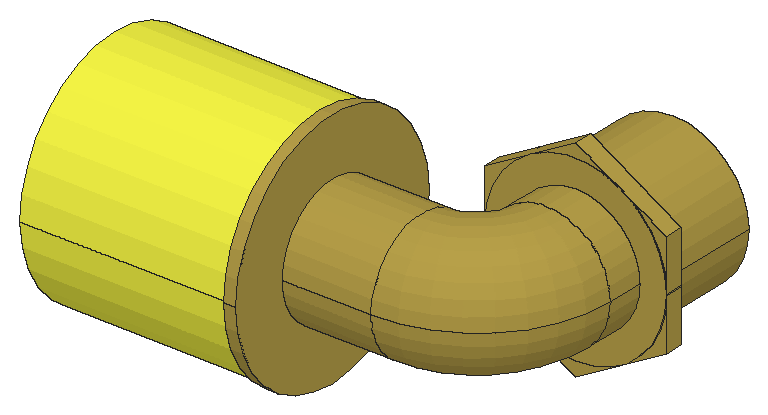
Revit family "Фитинг_Weser_Угольник 90° с наружной резьбой", category Соединительные детали трубопроводов, Revit 2020
Family settings
  Размер круглого соединителя = Использовать диаметр
  Тип детали = Отвод
  Номер OmniClass = 23.60.30.11.14
  Заголовок OmniClass = Pipework Fittings
  На основе рабочей плоскости = Нет
  Всегда вертикально = Да
  При загрузке вырезать с полостями = Нет
  Общий = Нет
Parameters (values of type "Латунь")
  Отметка по умолчанию = 0 mm
  Материал = Латунь
  i1 [instance] = B / sqrt(3)  # 22.979 mm
  i [instance] = G / sqrt(3)  # 17.321 mm
  WSR_D2 [instance] = 32 mm
  WSR_D1 [instance] = 25 mm
  Rt1 [instance] = size_lookup(LT, "Rt", 4 mm, WSR_D1, WSR_D2)  # 3 mm
  Rt [instance] = not(Lt)  # no
  Lt1 [instance] = size_lookup(LT, "Lt", 4 mm, WSR_D1, WSR_D2)  # 2 mm
  Lt [instance] = Rt1 > 2 mm  # yes
  URL = "https://www.weser.ru/about/documentation/"
  Type Image = (empty or 0)
  Model = ""
  Manufacturer = ""
  R [instance] = size_lookup(LT, "R", WSR_D2, WSR_D1, WSR_D2)  # 25 mm
  LT = "Фитинг_Weser_Угольник 90° с наружной резьбой(Наименование)"
  T [instance] = WSR_D1 - 4 mm  # 21 mm
  G [instance] = size_lookup(LT, "G", WSR_D2 + 3 mm, WSR_D1, WSR_D2)  # 30 mm
  B [instance] = size_lookup(LT, "B", WSR_D1 + 3 mm, WSR_D1, WSR_D2)  # 39.8 mm
  A [instance] = size_lookup(LT, "A", WSR_D1 - 3 mm, WSR_D1, WSR_D2)  # 25.5 mm
  Description = ""
  F [instance] = size_lookup(LT, "F", WSR_D2 * 2, WSR_D1, WSR_D2)  # 37.5 mm
  E [instance] = size_lookup(LT, "E", WSR_D2 * 1.5, WSR_D1, WSR_D2)  # 17 mm
  D [instance] = size_lookup(LT, "D", WSR_D1 * 2, WSR_D1, WSR_D2)  # 60.5 mm
  C [instance] = size_lookup(LT, "C", WSR_D1 - 3 mm, WSR_D1, WSR_D2)  # 32.2 mm
  ADSK_Наименование краткое [instance] = "Уг. НР"  # constant formula
  ADSK_Наименование [instance] = size_lookup(LT, "", "не найдено", WSR_D1, WSR_D2)  # "Угольник 90° с наружной резьбой 32-R1''НР"
  ADSK_Масса [instance] = 0
  ADSK_Марка = "WESERpex"  # constant formula
  ADSK_Код изделия [instance] = size_lookup(LT, "art", "не найдено", WSR_D1, WSR_D2)  # "520128"
  ADSK_Завод-изготовитель = "Weser"  # constant formula
  ADSK_Единица измерения = "шт."  # constant formula
  ADSK_Группирование [instance] = ""
  ADSK_URL страницы изделия [instance] = ""
  ADSK_URL документации изделия [instance] = ""
Reference planes
  plane 1 "Center (Front/Back)": y = 0
  plane 2: z = 0
  plane 3 "Center (Left/Right)": x = 0
  plane 4: x = -60.5
  plane 5 "b2": y = 20.5
  plane 6 "b1": x = -28.3
  plane 7: y = 37.5
  plane 8: y = 10.5
  plane 9: y = -10.5
  plane 10: x = -10.5
  plane 11: x = 10.5
  plane 12: x = -26.3
  plane 13: y = 17.5
Forms (mm)
  Sweep 1, solid, material "Латунь" <- "Материал", detail levels fine
    path in 3D
      loop
        line (-28.3, 0, 0) -> (-11.5, 0, 0)
        arc (-11.5, 0, 0) -> (-3.368, 3.368, 0) -> (0, 11.5, 0) r 11.5
        line (0, 11.5, 0) -> (0, 20.5, 0)
    profile origin (-19.9, 0, 0) x (0, 1, 0) y (0, 0, 1)
      loop
        circle (0, 0) r 10.5
  Extrusion 2, solid, material "Латунь" <- "Материал", detail levels fine
    sketch origin (-28.3, 5.999, 1200) x (0, -1, 0) y (0, 0, 1)
      loop
        circle (5.999, -1200) r 12.75
    from 0 to 32.2
  Sweep 3, solid, material "Латунь" <- "Материал", detail levels fine
    path origin (0, 0, 0) x (1, 0, 0) y (0, 1, 0)
      loop
        line (0, 37.5) -> (0, 20.5)
    profile origin (0, 29, 0) x (1, 0, 0) y (0, 0, 1)
      loop
        circle (0, 0) r 12.5
  Extrusion 4, solid, material "Латунь" <- "Материал", detail levels fine
    sketch origin (-28.3, 5.999, 1200) x (0, -1, 0) y (0, 0, 1)
      loop
        circle (5.999, -1200) r 19.9
    from 0 to -2
  Extrusion 5, solid, material "Латунь" <- "Материал", detail levels fine
    sketch origin (-76.651, 20.5, 1200) x (-1, 0, 0) y (0, 0, 1)
      loop
        circle (-76.651, -1200) r 15
    from 0 to -3
  Extrusion 6, solid, material "Латунь" <- "Материал", visible <- "Lt", detail levels fine
    sketch origin (-76.651, 20.5, 1200) x (-1, 0, 0) y (0, 0, 1)
      loop
        line (-91.651, -1208.66) -> (-76.651, -1217.321) -> (-61.651, -1208.66) -> (-61.651, -1191.34) -> (-76.651, -1182.679) -> (-91.651, -1191.34) -> (-91.651, -1208.66)
    from 0 to -3
  Extrusion 7, solid, material "Латунь" <- "Материал", visible <- "Rt", detail levels fine
    sketch origin (-28.3, 5.999, 1200) x (0, -1, 0) y (0, 0, 1)
      loop
        line (25.899, -1188.511) -> (5.999, -1177.021) -> (-13.901, -1188.511) -> (-13.901, -1211.489) -> (5.999, -1222.979) -> (25.899, -1211.489) -> (25.899, -1188.511)
    from 0 to -2
Lines and regions (mm)
  reference lines
    curve 1: line (-28.3, 0, 0) -> (-11.5, 0, 0)
    curve 2: line (0, 37.5, 0) -> (0, 11.5, 0)
    curve 3: arc (-11.5, 0, 0) -> (-3.368, 3.368, 0) -> (0, 11.5, 0) r 11.5
  sketch lines
    curve 4: line (-28.3, 0, 0) -> (-11.5, 0, 0)
    curve 5: arc (-11.5, 0, 0) -> (-3.368, 3.368, 0) -> (0, 11.5, 0) r 11.5
    curve 11: line (0, 20.5, 0) -> (0, 11.5, 0)
  model lines, detail levels coarse+medium
    curve 6: line (-28.3, 0, 0) -> (-11.5, 0, 0)
    curve 7: line (0, 20.5, 0) -> (0, 11.5, 0)
    curve 8: line (-10.5, 20.5, 0) -> (10.5, 20.5, 0)
    curve 9: line (-28.3, 10.5, 0) -> (-28.3, -10.5, 0)
    curve 10: arc (-11.5, 0, 0) -> (-3.368, 3.368, 0) -> (0, 11.5, 0) r 11.5
Dimensions and locks
  "E": plane 5 "b2" to plane 7
  "C": plane 4 to plane 6 "b1"
  "F": plane 1 "Center (Front/Back)" to plane 7
  "D": plane 4 to plane 3 "Center (Left/Right)"
  equal spacing: plane 8, plane 1 "Center (Front/Back)", plane 9
  "T": plane 8 to plane 9
  equal spacing: plane 10, plane 3 "Center (Left/Right)", plane 11
  "T": plane 10 to plane 11
  locked: curve 3 to plane 10 at 1
  locked: curve 3 to plane 8 at 1
  "Lt1": plane 6 "b1" to plane 12
  "Rt1": plane 5 "b2" to plane 13
  equal spacing: Extrusion 6 sketch curve, curve 10, Extrusion 6 sketch curve  (x2)
  equal spacing: Extrusion 6 sketch curve, plane 3 "Center (Left/Right)", Extrusion 6 sketch curve
  "G": Extrusion 6 sketch curve to Extrusion 6 sketch curve  (x3)
  "i": Extrusion 6 sketch curve to Extrusion 6 sketch curve  (x6)
  equal spacing: Extrusion 7 sketch curve, plane 1 "Center (Front/Back)", Extrusion 7 sketch curve
  equal spacing: Extrusion 7 sketch curve, curve 10, Extrusion 7 sketch curve  (x2)
  "B": Extrusion 7 sketch curve to Extrusion 7 sketch curve  (x3)
  "i1": Extrusion 7 sketch curve to Extrusion 7 sketch curve  (x6)
  "T": diameter of Sweep 1 sketch curve
  "A": diameter of Extrusion 2 sketch curve
  "R": diameter of Sweep 3 sketch curve
  "B": diameter of Extrusion 4 sketch curve
  "G": diameter of Extrusion 5 sketch curve
  aligned and locked: level to plane 2
  aligned and locked: plane 6 "b1" to curve 1
  aligned and locked: plane 6 "b1" to curve 6
  aligned and locked: plane 1 "Center (Front/Back)" to curve 6
  aligned and locked: curve 7 to plane 3 "Center (Left/Right)"
  aligned and locked: plane 9 to curve 9
  aligned and locked: plane 6 "b1" to curve 9
  aligned and locked: plane 11 to curve 8
  aligned and locked: Extrusion 2 to plane 4
  aligned and locked: curve 10 to curve 3
  aligned and locked: plane 7 to Sweep 3 sketch curve
  aligned and locked: plane 5 "b2" to Sweep 3 sketch curve
  aligned and locked: Sweep 3 sketch curve to plane 3 "Center (Left/Right)"
  aligned and locked: plane 5 "b2" to nested 2
  aligned and locked: plane 6 "b1" to nested 1
  aligned and locked: nested 1 to plane 1 "Center (Front/Back)"
  aligned and locked: plane 3 "Center (Left/Right)" to nested 2
  aligned and locked: plane 12 to Extrusion 4
  aligned and locked: Extrusion 5 to plane 13
  aligned and locked: Extrusion 6 to plane 13
  aligned and locked: plane 12 to Extrusion 7
Automatic sketch dimensions
  curve 8 to plane 10 = 0 mm
  curve 9 to plane 8 = 0 mm
  plane 10 to curve 6 = 1 mm
  curve 7 to plane 5 "b2" = 0 mm
  curve 2 to plane 3 "Center (Left/Right)" = 0 mm
  curve 2 to plane 7 = 0 mm
  Sweep 1 sketch curve to profile plane = 0 mm  (x2)
  Extrusion 2 sketch curve to level = 0 mm
  Extrusion 2 sketch curve to plane 1 "Center (Front/Back)" = 0 mm
  Sweep 3 sketch curve to level = 0 mm
  profile plane to Sweep 3 sketch curve = 0 mm
  Extrusion 4 sketch curve to level = 0 mm
  Extrusion 4 sketch curve to plane 1 "Center (Front/Back)" = 0 mm
  Extrusion 5 sketch curve to level = 0 mm
  Extrusion 5 sketch curve to plane 3 "Center (Left/Right)" = 0 mm
Nested families
  nested 1: "Фитинг_Weser_Гильза монтажная, латунь" at (-28.3, 0, 0) x (-1, 0, 0) z (0, 0, 1), ADSK_Диаметр условный <- "WSR_D2", ADSK_Группирование <- "ADSK_Группирование", visible <- "Lt", Видимость <- "Lt", type "Желтая"
    with Радиус Наружный 19.5 mm, Радиус Внутренний 16.4 mm, ADSK_Наименование "Гильза монтажная DN32", Длина 34 mm, Видимость yes, ADSK_Примечание "", ADSK_Масса_Текст "", ADSK_Код изделия "520032", ADSK_Диаметр условный 32 mm, ADSK_Группирование "", ADSK_URL страницы изделия "", ADSK_URL документации изделия ""
  nested 2: "Фитинг_Weser_Гильза монтажная, латунь" at (0, 20.5, 0) x (0, 1, 0) z (0, 0, 1), ADSK_Диаметр условный <- "WSR_D1", ADSK_Группирование <- "ADSK_Группирование", visible <- "Rt", Видимость <- "Rt", type "Желтая"
    with Радиус Наружный 17 mm, Радиус Внутренний 12.7 mm, ADSK_Наименование "Гильза монтажная DN25", Длина 25 mm, Видимость no, ADSK_Примечание "", ADSK_Масса_Текст "", ADSK_Код изделия "520031", ADSK_Диаметр условный 25 mm, ADSK_Группирование "", ADSK_URL страницы изделия "", ADSK_URL документации изделия ""
Connectors
  piping at (0, 20.5, 0), diameter 32, driven by "WSR_D2"
    settings: on Sweep 1, index 1, connector inside diameter 609.6 mm, connector length 0 mm, flow factor 0, pipe flow 0.0 L/s, pressure drop 0.0 Pa, fitting loss kfactor 0, connector angle 0.00°, fixture units 0, engagement length 0 mm, angle of deflection 0.00°, flow configuration 0, flow direction 0, fitting loss method 0, system type 29, joint type 0, gender type 0, connector reference index 2, connector utility 0, adjustable connector no, is connector primary no, connector description ""
  piping at (-28.3, 0, 0), diameter 25, driven by "WSR_D1"
    settings: on Sweep 1, index 2, connector inside diameter 609.6 mm, connector length 0 mm, flow factor 0, pipe flow 0.0 L/s, pressure drop 0.0 Pa, fitting loss kfactor 0, connector angle 0.00°, fixture units 0, engagement length 0 mm, angle of deflection 0.00°, flow configuration 0, flow direction 0, fitting loss method 0, system type 29, joint type 0, gender type 0, connector reference index 1, connector utility 0, adjustable connector no, is connector primary yes, connector description ""
Definition of nested family "Фитинг_Weser_Гильза монтажная, латунь"
  Parameters (values of type "Желтая")
    Радиус Внутренний [instance] = size_lookup(Поиск в таблице имен, "Rv", ADSK_Диаметр условный / 1.9, ADSK_Диаметр условный)  # 16.4 mm
    Поиск в таблице имен 2 = "Фитинг_Weser_Гильза_монтажная_латунь(Код)"
    Default Elevation = 0 mm
    Материал = none
    Видимость [instance] = yes
    URL = ""
    Type Image = (empty or 0)
    Manufacturer = ""
    Поиск в таблице имен = "Фитинг_Weser_Гильза_монтажная_латунь(Наименование)"
    Длина [instance] = size_lookup(Поиск в таблице имен, "Length", ADSK_Диаметр условный, ADSK_Диаметр условный)  # 34 mm
    Радиус Наружный [instance] = size_lookup(Поиск в таблице имен, "Rn", ADSK_Диаметр условный / 1.5, ADSK_Диаметр условный)  # 19.5 mm
    Description = ""
    ADSK_Примечание [instance] = ""
    ADSK_Наименование краткое = ""
    ADSK_Наименование [instance] = size_lookup(Поиск в таблице имен, "", "Решение не найдено", ADSK_Диаметр условный)  # "Гильза монтажная DN32"
    ADSK_Масса_Текст [instance] = ""
    ADSK_Марка = ""
    ADSK_Код изделия [instance] = size_lookup(Поиск в таблице имен 2, "", "Решение не найдено", ADSK_Диаметр условный)  # "520032"
    ADSK_Завод-изготовитель = ""
    ADSK_Единица измерения = "шт."  # constant formula
    ADSK_Диаметр условный [instance] = 32 mm
    ADSK_Группирование [instance] = ""
    ADSK_URL страницы изделия [instance] = ""
    ADSK_URL документации изделия [instance] = ""
  Reference planes
    plane 1 "Center (Front/Back)": y = 0
    plane 2: z = 0
    plane 3 "Center (Left/Right)": x = 0
    plane 4: x = 34
    plane 5: y = 19.5
    plane 6: y = 50
    plane 7: y = 16.4
    plane 8: x = 5
  Forms (mm)
    Revolve 1, solid, material <- "Материал", visible <- "Видимость", detail levels fine
      sketch origin (0, 0, 0) x (1, 0, 0) y (0, 1, 0)
        loop
          line (0, 16.4) -> (34, 16.4) -> (34, 19.5) -> (0, 19.5) -> (0, 16.4)
        axis (34, 0) -> (0, 0)
      angle from 0 to 360
  Lines and regions (mm)
    reference lines
      curve 1: line (0, 0, 0) -> (34, 0, 0)
  Dimensions and locks
    "Длина": plane 3 "Center (Left/Right)" to plane 4
    "Радиус Наружный": plane 5 to plane 1 "Center (Front/Back)"
    locked: plane 6 to plane 1 "Center (Front/Back)" at 50
    "Радиус Внутренний": plane 7 to plane 1 "Center (Front/Back)"
    locked: plane 3 "Center (Left/Right)" to plane 8 at 5
    aligned and locked: level to plane 2
    aligned and locked: plane 4 to curve 1
    aligned and locked: plane 3 "Center (Left/Right)" to curve 1
    aligned and locked: plane 1 "Center (Front/Back)" to curve 1
    aligned and locked: plane 4 to Revolve 1 sketch curve
    aligned and locked: Revolve 1 sketch curve to plane 5
    aligned and locked: plane 3 "Center (Left/Right)" to Revolve 1 sketch curve
    aligned and locked: Revolve 1 sketch curve to plane 7
  Automatic sketch dimensions
    plane 1 "Center (Front/Back)" to Revolve 1 sketch curve = 0 mm
    Revolve 1 sketch curve to plane 3 "Center (Left/Right)" = 78.702 mm
    plane 4 to Revolve 1 sketch curve = 90.298 mm
